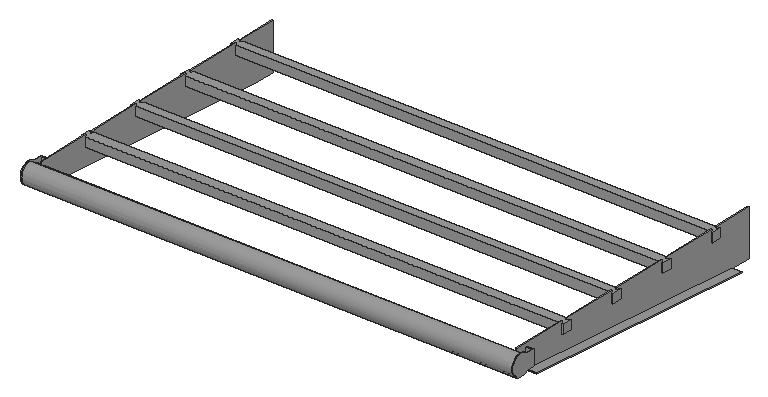
Revit family "30.5 Shelf", category Generic Models, Revit 2012
Parameters (values of type "30 1/2" Shelf")
  Width = 48"
  URL = "http://www.wengercorp.com/Home/Contact.html"
  Shelf Top Material = Shelf Top
  Part Number = "241A019"
  Model = "GEARBOSS SHELF 30 1/2\""
  Manufacturer = "Wenger Corporation"
  Keynote = ""
  Front Piece Tube = Width - 0.6"  # 47.4"
  Description = "GEARBOSS ATHLETIC SHELVING"
  Aluminium Silver = Shelf Structure
  30 1/2" GB SHELF OnOff = yes
Reference planes (in)
  plane 1 "Center (Front/Back)": y = 0
  plane 2: z = 0
  plane 3 "Center (Left/Right)": x = 0
  plane 4: x = 24
  plane 5: x = -24
  plane 6: x = 22.9
  plane 7: x = -22.9
  plane 8: y = -0.38
  plane 9: x = -23.72
  plane 10: x = -23.25
  plane 11: x = -23
  plane 12: x = 23.72
  plane 13: x = 23.25
  plane 14: x = 23
  plane 15: z = 3.5
  plane 16: y = -27.15
  plane 17: y = -28.25
  plane 18: y = -27.28493
  plane 19: x = 39.86308
  plane 20 "Shelf Base": z = 4.38
Forms (in)
  Extrusion 1, solid, material "Shelf Structure" <- "Aluminium Silver"
    sketch origin (-23, 23.46457, 48) x (0, 1, 0) y (0, 0, 1)
      loop
        line (-23.84457, -48) -> (-23.84457, -43.5) -> (-27.65457, -43.5) -> (-27.65457, -44.5) -> (-28.28457, -44.5) -> (-28.28457, -43.5) -> (-33.66457, -43.5) -> (-33.66457, -44.5) -> (-34.29457, -44.5) -> (-34.29457, -43.5) -> (-39.67457, -43.5) -> (-39.67457, -44.5) -> (-40.30457, -44.5) -> (-40.30457, -43.5) -> (-45.68457, -43.5) -> (-45.68457, -44.5) -> (-46.31457, -44.5) -> (-46.31457, -43.5) -> (-51.71457, -43.5) -> (-51.71457, -45.73) -> (-25.82457, -48) -> (-23.84457, -48)
    from 0 to 0.11
  Extrusion 2, solid, material "Shelf Structure" <- "Aluminium Silver"
    sketch origin (22.9, 73.9779, 48) x (0, 1, 0) y (0, 0, 1)
      loop
        line (-74.3579, -48) -> (-74.3579, -43.5) -> (-78.1679, -43.5) -> (-78.1679, -44.5) -> (-78.7979, -44.5) -> (-78.7979, -43.5) -> (-84.1779, -43.5) -> (-84.1779, -44.5) -> (-84.8079, -44.5) -> (-84.8079, -43.5) -> (-90.1879, -43.5) -> (-90.1879, -44.5) -> (-90.8179, -44.5) -> (-90.8179, -43.5) -> (-96.1979, -43.5) -> (-96.1979, -44.5) -> (-96.8279, -44.5) -> (-96.8279, -43.5) -> (-102.2279, -43.5) -> (-102.2279, -45.73) -> (-76.3379, -48) -> (-74.3579, -48)
    from 0 to 0.11
  Extrusion 3, solid, material "Shelf Structure" <- "Aluminium Silver"
    sketch origin (0, -4.19, 3.5) x (0, 1, 0) y (-1, 0, 0)
      loop
        line (0, 23) -> (0.12847, 23) -> (0.12847, 23.25) -> (-0.75629, 23.25) -> (-0.75629, 23) -> (-0.63, 23) -> (-0.63, 22.89) -> (-0.75629, 22.89) -> (-0.75629, -22.89) -> (-0.63, -22.89) -> (-0.63, -23) -> (-0.75629, -23) -> (-0.75629, -23.25) -> (0.12847, -23.25) -> (0.12847, -23) -> (0, -23) -> (0, -22.89) -> (0.12847, -22.89) -> (0.12847, 22.89) -> (0, 22.89) -> (0, 23)
    from 0 to 0.88
  Extrusion 4, solid, material "Shelf Structure" <- "Aluminium Silver"
    sketch origin (0, -10.20109, 3.5) x (0, 1, 0) y (-1, 0, 0)
      loop
        line (0, 23) -> (0.12847, 23) -> (0.12847, 23.25) -> (-0.75629, 23.25) -> (-0.75629, 23) -> (-0.63, 23) -> (-0.63, 22.89) -> (-0.75629, 22.89) -> (-0.75629, -22.89) -> (-0.63, -22.89) -> (-0.63, -23) -> (-0.75629, -23) -> (-0.75629, -23.25) -> (0.12847, -23.25) -> (0.12847, -23) -> (0, -23) -> (0, -22.89) -> (0.12847, -22.89) -> (0.12847, 22.89) -> (0, 22.89) -> (0, 23)
    from 0 to 0.88
  Extrusion 5, solid, material "Shelf Structure" <- "Aluminium Silver"
    sketch origin (0, -16.21109, 3.5) x (0, 1, 0) y (-1, 0, 0)
      loop
        line (0, 23) -> (0.12847, 23) -> (0.12847, 23.25) -> (-0.75629, 23.25) -> (-0.75629, 23) -> (-0.63, 23) -> (-0.63, 22.89) -> (-0.75629, 22.89) -> (-0.75629, -22.89) -> (-0.63, -22.89) -> (-0.63, -23) -> (-0.75629, -23) -> (-0.75629, -23.25) -> (0.12847, -23.25) -> (0.12847, -23) -> (0, -23) -> (0, -22.89) -> (0.12847, -22.89) -> (0.12847, 22.89) -> (0, 22.89) -> (0, 23)
    from 0 to 0.88
  Extrusion 6, solid, material "Shelf Structure" <- "Aluminium Silver"
    sketch origin (0, -22.22109, 3.5) x (0, 1, 0) y (-1, 0, 0)
      loop
        line (0, 23) -> (0.12847, 23) -> (0.12847, 23.25) -> (-0.75629, 23.25) -> (-0.75629, 23) -> (-0.63, 23) -> (-0.63, 22.89) -> (-0.75629, 22.89) -> (-0.75629, -22.89) -> (-0.63, -22.89) -> (-0.63, -23) -> (-0.75629, -23) -> (-0.75629, -23.25) -> (0.12847, -23.25) -> (0.12847, -23) -> (0, -23) -> (0, -22.89) -> (0.12847, -22.89) -> (0.12847, 22.89) -> (0, 22.89) -> (0, 23)
    from 0 to 0.88
  Extrusion 7, solid, material "Shelf Structure" <- "Aluminium Silver"
    sketch origin (-23.72, 23.46457, 48) x (0, 1, 0) y (0, 0, 1)
      loop
        line (-50.61457, -45.25) -> (-50.61457, -43.75) -> (-51.45457, -43.75)
        arc (-51.45457, -43.75) -> (-53.11601, -44.5) -> (-51.45457, -45.25) r 1
        line (-51.45457, -45.25) -> (-50.61457, -45.25)
    from 0 to -0.09
  Extrusion 8, solid, material "Shelf Structure" <- "Aluminium Silver"
    sketch origin (23.72, 23.46457, 48) x (0, 1, 0) y (0, 0, -1)
      loop
        line (-50.61457, 45.25) -> (-51.45457, 45.25)
        arc (-51.45457, 45.25) -> (-53.11601, 44.5) -> (-51.45457, 43.75) r 1
        line (-51.45457, 43.75) -> (-50.61457, 43.75) -> (-50.61457, 45.25)
    from 0 to 0.09
  Extrusion 9, solid, material "Shelf Structure" <- "Aluminium Silver"
    sketch origin (0, 0.96507, 0) x (1, 0, 0) y (0, 1, 0)
      loop
        line (23, -28.25) -> (23.63, -28.25) -> (23.63, -28.11507) -> (23, -28.11507) -> (23, -28.25)
    from 2.75 to 4.25
  Extrusion 10, solid, material "Shelf Structure" <- "Aluminium Silver"
    sketch origin (0, 0.96507, 0) x (-1, 0, 0) y (0, -1, 0)
      loop
        line (23, 28.25) -> (23, 28.11507) -> (23.72, 28.11507) -> (23.72, 28.25) -> (23, 28.25)
    from 2.75 to 4.25
  Extrusion 11, solid, material "Shelf Structure" <- "Aluminium Silver", visible <- "30 1/2" GB SHELF OnOff"
    sketch origin (-23.72, 23.46457, 48) x (0, 1, 0) y (0, 0, 1)
      loop
        arc (-52.11601, -43.5) -> (-53.11601, -44.5) -> (-52.11601, -45.5) r 1
        line (-52.11601, -45.5) -> (-52.11601, -45.12) -> (-51.48601, -45.12) -> (-51.48601, -43.88) -> (-52.11601, -43.88) -> (-52.11601, -43.5)
      loop
        arc (-52.19601, -43.58348) -> (-53.03601, -44.5) -> (-52.19601, -45.41652) r 0.92
        line (-52.19601, -45.41652) -> (-52.19601, -45.04) -> (-51.56601, -45.04) -> (-51.56601, -43.96) -> (-52.19601, -43.96) -> (-52.19601, -43.58348)
    from 0 to 47.4 <- "Front Piece Tube"
  Extrusion 12, solid, material "Shelf Structure" <- "Aluminium Silver"
    sketch origin (22.9, 50.4779, 48) x (0, 1, 0) y (0, 0, 1)
      loop
        line (-77.63278, -45.82602) -> (-52.8379, -48) -> (-52.82829, -47.89042) -> (-77.62317, -45.71644) -> (-77.63278, -45.82602)
    from 0 to 1.1
  Extrusion 13, solid, material "Shelf Structure" <- "Aluminium Silver"
    sketch origin (-24, 50.4779, 48) x (0, 1, 0) y (0, 0, 1)
      loop
        line (-77.63278, -45.82602) -> (-52.8379, -48) -> (-52.82829, -47.89042) -> (-77.62317, -45.71644) -> (-77.63278, -45.82602)
    from 0 to 1.1
Cuts and joins
  joined: Extrusion 1, Extrusion 2, Extrusion 3, Extrusion 4, Extrusion 5, Extrusion 6, Extrusion 12, Extrusion 13
Dimensions and locks (in)
  equal spacing: plane 5, plane 3 "Center (Left/Right)", plane 4
  "Width": plane 5 to plane 4
  locked: plane 5 to plane 7 at 1.1
  locked: plane 6 to plane 4 at 1.1
  locked: plane 8 to plane 1 "Center (Front/Back)" at 0.38
  locked: plane 5 to plane 9 at 0.28
  locked: plane 9 to plane 10 at 0.47
  locked: plane 10 to plane 11 at 0.25
  locked: plane 12 to plane 13 at 0.47
  locked: plane 13 to plane 14 at 0.25
  plane 12 to plane 4 = 0.28"
  locked: plane 15 to level at 3.5
  locked: plane 17 to plane 1 "Center (Front/Back)" at 28.25
  plane 16 to plane 17 = 1.1"
  aligned and locked: plane 2 to level
  aligned and locked: plane 16 to Extrusion 10 sketch curve
  aligned and locked: plane 18 to Extrusion 10 sketch curve
  aligned and locked: plane 9 to Extrusion 10 sketch curve
  aligned and locked: Extrusion 10 sketch curve to plane 11
  aligned and locked: Extrusion 9 sketch curve to plane 16
  aligned and locked: Extrusion 9 sketch curve to plane 18
  aligned and locked: plane 14 to Extrusion 9 sketch curve
  aligned and locked: plane 3 "Center (Left/Right)" to nested 1
Automatic sketch dimensions
  Extrusion 1 sketch curve to plane 17 = 0"
  Extrusion 1 sketch curve to plane 15 = 0"  (x4)
  Extrusion 1 sketch curve to level = 0"
  Extrusion 1 sketch curve to plane 8 = 0"
  plane 15 to Extrusion 1 sketch curve = 1"  (x4)
  Extrusion 1 sketch curve to plane 16 = 4.3"
  Extrusion 1 sketch curve to Extrusion 1 sketch curve = 0.63"  (x4)
  Extrusion 1 sketch curve to Extrusion 1 sketch curve = 5.38"  (x2)
  Extrusion 1 sketch curve to Extrusion 1 sketch curve = 4.44"
  Extrusion 1 sketch curve to Extrusion 1 sketch curve = 1.98"
  Extrusion 1 sketch curve to plane 15 = 1.23"
  Extrusion 1 sketch curve to Extrusion 1 sketch curve = 0"
  Extrusion 2 sketch curve to plane 17 = 0"
  Extrusion 2 sketch curve to plane 15 = 0"  (x4)
  Extrusion 2 sketch curve to level = 0"
  Extrusion 2 sketch curve to plane 8 = 0"
  plane 15 to Extrusion 2 sketch curve = 1"  (x4)
  Extrusion 2 sketch curve to plane 16 = 4.3"
  Extrusion 2 sketch curve to Extrusion 2 sketch curve = 0.63"  (x4)
  Extrusion 2 sketch curve to Extrusion 2 sketch curve = 5.38"  (x2)
  Extrusion 2 sketch curve to Extrusion 2 sketch curve = 4.44"
  Extrusion 2 sketch curve to Extrusion 2 sketch curve = 1.98"
  Extrusion 2 sketch curve to plane 15 = 1.23"
  Extrusion 2 sketch curve to Extrusion 2 sketch curve = 0"
  Extrusion 3 sketch curve to plane 13 = 0"
  Extrusion 3 sketch curve to plane 14 = 0"  (x2)
  Extrusion 3 sketch curve to plane 11 = 0"  (x2)
  Extrusion 3 sketch curve to plane 10 = 0"
  Extrusion 3 sketch curve to plane 6 = 0.01"  (x2)
  Extrusion 3 sketch curve to plane 8 = 4.56629"
  Extrusion 3 sketch curve to Extrusion 3 sketch curve = 0"  (x3)
  Extrusion 3 sketch curve to Extrusion 3 sketch curve = 0.12629"  (x2)
  Extrusion 3 sketch curve to Extrusion 3 sketch curve = 0.63"  (x2)
  Extrusion 3 sketch curve to Extrusion 3 sketch curve = 0.12847"  (x2)
  plane 7 to Extrusion 3 sketch curve = 0.01"  (x2)
  Extrusion 4 sketch curve to plane 13 = 0"
  Extrusion 4 sketch curve to plane 14 = 0"  (x2)
  Extrusion 4 sketch curve to plane 11 = 0"  (x2)
  Extrusion 4 sketch curve to plane 10 = 0"
  Extrusion 4 sketch curve to plane 6 = 0.01"  (x2)
  Extrusion 4 sketch curve to plane 8 = 10.57738"
  Extrusion 4 sketch curve to Extrusion 4 sketch curve = 0"  (x3)
  Extrusion 4 sketch curve to Extrusion 4 sketch curve = 0.12629"  (x2)
  Extrusion 4 sketch curve to Extrusion 4 sketch curve = 0.63"  (x2)
  Extrusion 4 sketch curve to Extrusion 4 sketch curve = 0.12847"  (x2)
  plane 7 to Extrusion 4 sketch curve = 0.01"  (x2)
  Extrusion 5 sketch curve to plane 13 = 0"
  Extrusion 5 sketch curve to plane 14 = 0"  (x2)
  Extrusion 5 sketch curve to plane 11 = 0"  (x2)
  Extrusion 5 sketch curve to plane 10 = 0"
  Extrusion 5 sketch curve to plane 6 = 0.01"  (x2)
  Extrusion 5 sketch curve to plane 16 = 10.18262"
  Extrusion 5 sketch curve to Extrusion 5 sketch curve = 0"  (x3)
  Extrusion 5 sketch curve to Extrusion 5 sketch curve = 0.12629"  (x2)
  Extrusion 5 sketch curve to Extrusion 5 sketch curve = 0.63"  (x2)
  Extrusion 5 sketch curve to Extrusion 5 sketch curve = 0.12847"  (x2)
  plane 7 to Extrusion 5 sketch curve = 0.01"  (x2)
  Extrusion 6 sketch curve to plane 13 = 0"
  Extrusion 6 sketch curve to plane 14 = 0"  (x2)
  Extrusion 6 sketch curve to plane 11 = 0"  (x2)
  Extrusion 6 sketch curve to plane 10 = 0"
  Extrusion 6 sketch curve to plane 6 = 0.01"  (x2)
  Extrusion 6 sketch curve to plane 16 = 4.17262"
  Extrusion 6 sketch curve to Extrusion 6 sketch curve = 0"  (x3)
  Extrusion 6 sketch curve to Extrusion 6 sketch curve = 0.12629"  (x2)
  Extrusion 6 sketch curve to Extrusion 6 sketch curve = 0.63"  (x2)
  Extrusion 6 sketch curve to Extrusion 6 sketch curve = 0.12847"  (x2)
  plane 7 to Extrusion 6 sketch curve = 0.01"  (x2)
  Extrusion 7 sketch curve to plane 15 = 0"
  Extrusion 7 sketch curve to plane 16 = 0"
  Extrusion 7 sketch curve to plane 17 = 0.26"  (x2)
  plane 17 to Extrusion 7 sketch curve = 0.40144"
  Extrusion 7 sketch curve to plane 15 = 0.75"
  Extrusion 8 sketch curve to plane 15 = 0"
  Extrusion 8 sketch curve to plane 16 = 0"
  plane 17 to Extrusion 8 sketch curve = 0.26"  (x2)
  Extrusion 8 sketch curve to plane 17 = 0.40144"
  plane 15 to Extrusion 8 sketch curve = 0.75"
  plane 12 to Extrusion 9 sketch curve = 0.09"
  Extrusion 11 sketch curve to Extrusion 11 sketch curve = 0"  (x2)
  Extrusion 11 sketch curve to plane 15 = 0"
  plane 17 to Extrusion 11 sketch curve = 0.48144"  (x2)
  Extrusion 11 sketch curve to Extrusion 11 sketch curve = 0.08"  (x4)
  Extrusion 11 sketch curve to plane 17 = 0.14856"
  Extrusion 11 sketch curve to plane 15 = 0.54"
  Extrusion 11 sketch curve to Extrusion 11 sketch curve = 0.29652"
  Extrusion 11 sketch curve to Extrusion 11 sketch curve = 0.08348"
  Extrusion 11 sketch curve to Extrusion 11 sketch curve = 0.37652"
  Extrusion 12 sketch curve to level = 0"
  plane 16 to Extrusion 12 sketch curve = 0.00488"
  Extrusion 12 sketch curve to plane 16 = 0.00473"
  Extrusion 12 sketch curve to plane 8 = 1.98"
  level to Extrusion 12 sketch curve = 0.10958"
  Extrusion 13 sketch curve to level = 0"
  plane 16 to Extrusion 13 sketch curve = 0.00488"
  Extrusion 13 sketch curve to plane 16 = 0.00473"
  Extrusion 13 sketch curve to plane 8 = 1.98"
  level to Extrusion 13 sketch curve = 0.10958"
Nested families (in)
  nested 1: "Drawer" at (0, 6, -1.5), type "Drawer"
    with Drawer Visibility no
  nested 2: "Garment Bar" at (0, 0, 2), type "Garment Bar"
    with Garment Bar Visibility no
Definition of nested family "Drawer"
  Parameters (values of type "Drawer")
    Width = 22.12"
    Rubber Bumpers = Rubber Bumper
    Drawer Visibility [instance] = yes
    Aluminum Material = Drawer Metal
  Reference planes (in)
    plane 1 "Center (Front/Back)": y = 0
    plane 2: z = 0
    plane 3 "Center (Left/Right)": x = 0
    plane 4: y = -12
    plane 5: y = -13.63
    plane 6: y = -13.73
    plane 7: y = -16.37
    plane 8: y = -21.7
    plane 9: y = -28.88
    plane 10: y = -33.15
    plane 11: y = -33.25
    plane 12: x = 11.06
    plane 13: x = -11.06
  Forms (in)
    Extrusion 1, solid, material "Drawer Metal" <- "Aluminum Material", visible <- "Drawer Visibility"
      sketch origin (-60, -33.25, 48) x (-1, 0, 0) y (0, 0, 1)
        loop
          line (-48.94, -48) -> (-48.94, -43.91) -> (-49.07, -43.91) -> (-49.07, -48) -> (-48.94, -48)
      from 0 to 20.5
    Extrusion 2, solid, material "Drawer Metal" <- "Aluminum Material", visible <- "Drawer Visibility"
      sketch origin (-60, -33.25, 48) x (-1, 0, 0) y (0, 0, 1)
        loop
          line (-49.07, -43.91) -> (-48.94, -43.91) -> (-48.94, -42.8536) -> (-47.74, -42.8536) -> (-47.74, -42.72) -> (-48.94, -42.72) -> (-49.07, -42.72) -> (-49.07, -43.91)
      from 0 to 5.25
    Extrusion 3, solid, material "Drawer Metal" <- "Aluminum Material", visible <- "Drawer Visibility"
      sketch origin (-62.75, -21.7, 48) x (-1, 0, 0) y (0, 0, 1)
        loop
          line (-51.82, -43.91) -> (-51.69, -43.91) -> (-51.69, -42.8536) -> (-50.49, -42.8536) -> (-50.49, -42.72) -> (-51.69, -42.72) -> (-51.82, -42.72) -> (-51.82, -43.91)
      from 0 to 5.25
    Extrusion 4, solid, material "Drawer Metal" <- "Aluminum Material", visible <- "Drawer Visibility"
      sketch origin (60, -33.25, 48) x (1, 0, 0) y (0, 0, -1)
        loop
          line (-48.94, 48) -> (-49.07, 48) -> (-49.07, 43.91) -> (-48.94, 43.91) -> (-48.94, 48)
      from 0 to 20.5
    Extrusion 5, solid, material "Drawer Metal" <- "Aluminum Material", visible <- "Drawer Visibility"
      sketch origin (60, -33.25, 48) x (1, 0, 0) y (0, 0, -1)
        loop
          line (-49.07, 43.91) -> (-49.07, 42.72) -> (-48.94, 42.72) -> (-47.74, 42.72) -> (-47.74, 42.8536) -> (-48.94, 42.8536) -> (-48.94, 43.91) -> (-49.07, 43.91)
      from 0 to 5.25
    Extrusion 6, solid, material "Drawer Metal" <- "Aluminum Material", visible <- "Drawer Visibility"
      sketch origin (62.75, -21.7, 48) x (1, 0, 0) y (0, 0, -1)
        loop
          line (-51.82, 43.91) -> (-51.82, 42.72) -> (-51.69, 42.72) -> (-50.49, 42.72) -> (-50.49, 42.8536) -> (-51.69, 42.8536) -> (-51.69, 43.91) -> (-51.82, 43.91)
      from 0 to 5.25
    Extrusion 7, solid, material "Drawer Metal" <- "Aluminum Material", visible <- "Drawer Visibility"
      sketch origin (-60, -33.25, 48) x (-1, 0, 0) y (0, 0, 1)
        loop
          line (-48.94, -48) -> (-48.94, -47.87) -> (-71.06, -47.87) -> (-71.06, -48) -> (-48.94, -48)
      from 0 to 20.5
    Extrusion 8, solid, material "Drawer Metal" <- "Aluminum Material", visible <- "Drawer Visibility"
      sketch origin (0, 0, 0) x (1, 0, 0) y (0, 1, 0)
        loop
          line (-10.62, -12.75) -> (-10.62, -32.37) -> (10.62, -32.37) -> (10.62, -12.75) -> (-10.62, -12.75)
        loop
          line (-10.49, -12.88) -> (-10.49, -32.24) -> (10.49, -32.24) -> (10.49, -12.88) -> (-10.49, -12.88)
      from 0.31 to 4.03
    Extrusion 9, solid, material "Rubber Bumper" <- "Rubber Bumpers", visible <- "Drawer Visibility"
      sketch origin (0, 0, 0) x (1, 0, 0) y (0, 1, 0)
        loop
          line (-10.62, -12.75) -> (-7.62, -12.75) -> (-7.62, -11.12) -> (-10.62, -11.12) -> (-10.62, -12.75)
      from 0.72 to 3.31
    Extrusion 10, solid, material "Rubber Bumper" <- "Rubber Bumpers", visible <- "Drawer Visibility"
      sketch origin (0, 0, 0) x (-1, 0, 0) y (0, -1, 0)
        loop
          line (-10.62, 12.75) -> (-10.62, 11.12) -> (-7.62, 11.12) -> (-7.62, 12.75) -> (-10.62, 12.75)
      from 0.72 to 3.31
    Extrusion 11, solid, material "Drawer Metal" <- "Aluminum Material", visible <- "Drawer Visibility"
      sketch origin (0, 0, 0) x (1, 0, 0) y (0, 1, 0)
        loop
          line (-10.62, -32.37) -> (-9.92, -33.07) -> (9.93, -33.07) -> (10.63, -32.37) -> (-10.62, -32.37)
      from 3.87273 to 4.03
    Extrusion 12, solid, material "Drawer Metal" <- "Aluminum Material", visible <- "Drawer Visibility"
      sketch origin (0, 0, 0) x (1, 0, 0) y (0, 1, 0)
        loop
          line (-9.92, -33.07) -> (9.93, -33.07) -> (10.06, -32.94) -> (-10.05, -32.94) -> (-9.92, -33.07)
      from 3.31 to 3.87273
  Cuts and joins
    joined: Extrusion 1, Extrusion 2, Extrusion 3, Extrusion 4, Extrusion 5, Extrusion 6, Extrusion 7
    joined: Extrusion 8, Extrusion 11, Extrusion 12
  Dimensions and locks (in)
    locked: plane 4 to plane 1 "Center (Front/Back)" at 12
    plane 4 to plane 5 = 1.63"
    plane 5 to plane 6 = 0.1"
    plane 6 to plane 7 = 2.64"
    plane 7 to plane 8 = 5.33"
    plane 8 to plane 9 = 7.18"
    plane 9 to plane 10 = 4.27"
    plane 10 to plane 11 = 0.1"
    equal spacing: plane 13, plane 3 "Center (Left/Right)", plane 12
    "Width": plane 13 to plane 12
    aligned and locked: plane 2 to level
    aligned and locked: Extrusion 2 sketch curve to plane 13
    aligned and locked: Extrusion 7 sketch curve to level
  Automatic sketch dimensions
    Extrusion 1 sketch curve to level = 0"
    Extrusion 1 sketch curve to plane 13 = 0"
    plane 13 to Extrusion 1 sketch curve = 0.13"
    level to Extrusion 1 sketch curve = 4.09"
    Extrusion 2 sketch curve to plane 13 = 0"
    plane 13 to Extrusion 2 sketch curve = 0.13"
    Extrusion 2 sketch curve to Extrusion 2 sketch curve = 1.2"
    level to Extrusion 2 sketch curve = 4.09"
    Extrusion 2 sketch curve to Extrusion 2 sketch curve = 1.0564"
    Extrusion 2 sketch curve to Extrusion 2 sketch curve = 0.1336"
    Extrusion 3 sketch curve to plane 13 = 0"  (x2)
    plane 13 to Extrusion 3 sketch curve = 0.13"
    Extrusion 3 sketch curve to Extrusion 3 sketch curve = 1.2"
    level to Extrusion 3 sketch curve = 4.09"
    Extrusion 3 sketch curve to Extrusion 3 sketch curve = 1.0564"
    Extrusion 3 sketch curve to Extrusion 3 sketch curve = 0.1336"
    Extrusion 4 sketch curve to level = 0"
    Extrusion 4 sketch curve to plane 12 = 0"
    Extrusion 4 sketch curve to Extrusion 4 sketch curve = 0.13"
    level to Extrusion 4 sketch curve = 4.09"
    Extrusion 5 sketch curve to plane 12 = 0"  (x2)
    Extrusion 5 sketch curve to Extrusion 5 sketch curve = 0.13"
    plane 12 to Extrusion 5 sketch curve = 1.2"
    level to Extrusion 5 sketch curve = 5.28"
    Extrusion 5 sketch curve to Extrusion 5 sketch curve = 0.1336"
    Extrusion 5 sketch curve to Extrusion 5 sketch curve = 1.0564"
    Extrusion 6 sketch curve to plane 12 = 0"  (x2)
    Extrusion 6 sketch curve to Extrusion 6 sketch curve = 0.13"
    plane 12 to Extrusion 6 sketch curve = 1.2"
    level to Extrusion 6 sketch curve = 5.28"
    Extrusion 6 sketch curve to Extrusion 6 sketch curve = 0.1336"
    Extrusion 6 sketch curve to Extrusion 6 sketch curve = 1.0564"
    Extrusion 7 sketch curve to plane 12 = 0"
    Extrusion 7 sketch curve to plane 13 = 0"
    Extrusion 7 sketch curve to Extrusion 7 sketch curve = 0.13"
    plane 13 to Extrusion 8 sketch curve = 0.44"
    Extrusion 8 sketch curve to Extrusion 8 sketch curve = 0.13"  (x4)
    Extrusion 8 sketch curve to plane 12 = 0.57"
    plane 10 to Extrusion 8 sketch curve = 0.78"
    plane 5 to Extrusion 8 sketch curve = 0.75"
    plane 13 to Extrusion 9 sketch curve = 0.44"
    plane 4 to Extrusion 9 sketch curve = 0.88"
    Extrusion 9 sketch curve to Extrusion 9 sketch curve = 3"
    Extrusion 9 sketch curve to plane 4 = 0.75"
    plane 12 to Extrusion 10 sketch curve = 0.44"
    Extrusion 10 sketch curve to plane 4 = 0.88"
    Extrusion 10 sketch curve to Extrusion 10 sketch curve = 3"
    plane 4 to Extrusion 10 sketch curve = 0.75"
    plane 13 to Extrusion 11 sketch curve = 0.44"
    plane 10 to Extrusion 11 sketch curve = 0.08"
    Extrusion 11 sketch curve to Extrusion 11 sketch curve = 0.7"
    Extrusion 11 sketch curve to plane 12 = 1.13"
    plane 10 to Extrusion 11 sketch curve = 0.78"
    Extrusion 11 sketch curve to plane 12 = 0.43"
    plane 10 to Extrusion 12 sketch curve = 0.21"
    plane 13 to Extrusion 12 sketch curve = 1.01"
    Extrusion 12 sketch curve to Extrusion 12 sketch curve = 0.13"  (x2)
    plane 10 to Extrusion 12 sketch curve = 0.08"
    Extrusion 12 sketch curve to plane 12 = 1.13"
Definition of nested family "Garment Bar"
  Parameters (values of type "Garment Bar")
    Width = 45.78906"
    Garment Bar Visibility [instance] = yes
    Garment Bar = Garment Bar Metal
    Depth = 20"
  Reference planes (in)
    plane 1 "Center (Front/Back)": y = 0
    plane 2: z = 0
    plane 3 "Center (Left/Right)": x = 0
    plane 4: y = -20
    plane 5: x = -22.89453
    plane 6: x = 22.89453
  Forms (in)
    Revolve 1, solid, material "Garment Bar Metal" <- "Garment Bar", visible <- "Garment Bar Visibility"
      sketch origin (0, 0, 0) x (1, 0, 0) y (0, 1, 0)
        loop
          line (-22.89453, -20.25) -> (-22.89453, -20.5) -> (22.89453, -20.5) -> (22.89453, -20.25) -> (-22.89453, -20.25)
        axis (22.89453, -20.25) -> (-22.89453, -20.25)
      angle from 0 to 360
  Dimensions and locks (in)
    "Depth": plane 4 to plane 1 "Center (Front/Back)"
    equal spacing: plane 5, plane 3 "Center (Left/Right)", plane 6
    "Width": plane 5 to plane 6
    aligned and locked: plane 2 to level
  Automatic sketch dimensions
    Revolve 1 sketch curve to plane 5 = 0"
    Revolve 1 sketch curve to plane 6 = 0"  (x2)
    Revolve 1 sketch curve to plane 4 = 0.25"  (x2)
    Revolve 1 sketch curve to Revolve 1 sketch curve = 1.46094"
    Revolve 1 sketch curve to Revolve 1 sketch curve = 0.25"
